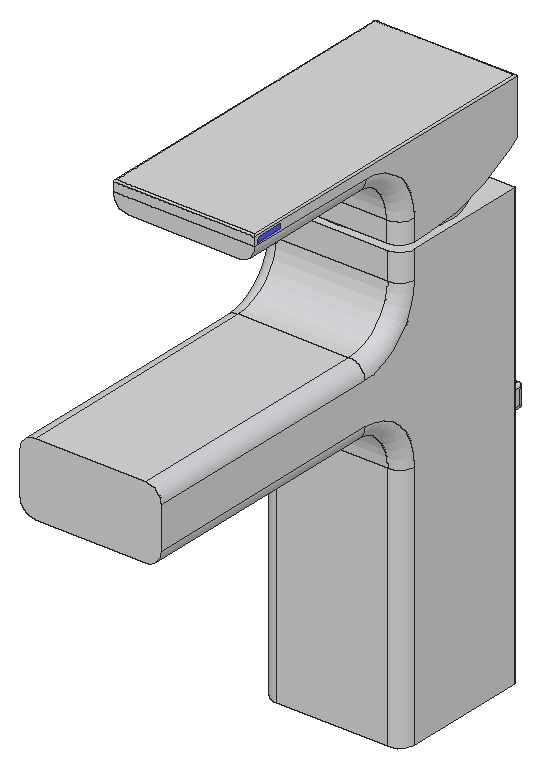
Revit family "Faucet-Lavatory-KOHLER-STRAYT-K-37327T_1", category Plumbing Fixtures, host Face, Revit 2017 (continued)
Definition of nested family "K-37327T"
  Forms (in)
    Extrusion 23, void
      sketch origin (0, 0, 0) x (1, 0, 0) y (0, 1, 0)
        loop
          arc (0.57204, -1.74497) -> (0.58926, -1.73551) -> (0.59826, -1.71804) r 0.03366
          line (0.59826, -1.71804) -> (0.62582, -1.56632)
        loop
          arc (-0.49276, -1.28608) -> (-0.52337, -1.25377) -> (-0.56175, -1.23124) r 0.15851
          line (-0.56175, -1.23124) -> (-0.65574, -1.27459)
          arc (-0.65574, -1.27459) -> (-0.66802, -1.28382) -> (-0.67539, -1.29729) r 0.03639
          line (-0.67539, -1.29729) -> (-0.71634, -1.43542)
          arc (-0.71634, -1.43542) -> (-0.70696, -1.45761) -> (-0.69236, -1.47677) r 0.09602
          arc (-0.69236, -1.47677) -> (-0.67871, -1.48738) -> (-0.66148, -1.48881) r 0.03032
          line (-0.66148, -1.48881) -> (-0.54654, -1.46473)
          arc (-0.54654, -1.46473) -> (-0.52932, -1.45527) -> (-0.52032, -1.43781) r 0.03366
          line (-0.52032, -1.43781) -> (-0.49276, -1.28608)
        loop
          arc (-0.13921, -1.63964) -> (-0.16982, -1.60732) -> (-0.2082, -1.58479) r 0.15851
          line (-0.2082, -1.58479) -> (-0.30219, -1.62814)
          arc (-0.30219, -1.62814) -> (-0.31446, -1.63737) -> (-0.32184, -1.65084) r 0.03639
          line (-0.32184, -1.65084) -> (-0.36279, -1.78897)
          arc (-0.36279, -1.78897) -> (-0.35341, -1.81116) -> (-0.33881, -1.83032) r 0.09602
          arc (-0.33881, -1.83032) -> (-0.32516, -1.84094) -> (-0.30793, -1.84236) r 0.03032
          line (-0.30793, -1.84236) -> (-0.19299, -1.81829)
          arc (-0.19299, -1.81829) -> (-0.17577, -1.80882) -> (-0.16677, -1.79136) r 0.03366
          line (-0.16677, -1.79136) -> (-0.13921, -1.63964)
        loop
          arc (0.40707, -1.60447) -> (0.4126, -1.58699) -> (0.40386, -1.57087) r 0.02344
          line (0.40386, -1.57087) -> (0.34351, -1.52289)
          arc (0.34351, -1.52289) -> (0.32067, -1.5193) -> (0.30586, -1.53705) r 0.02344
          line (0.30586, -1.53705) -> (0.27858, -1.68724)
          arc (0.27858, -1.68724) -> (0.29156, -1.7126) -> (0.31943, -1.70669) r 0.02344
          line (0.31943, -1.70669) -> (0.40707, -1.60447)
        loop
          arc (0.0044, -1.75103) -> (0.00994, -1.73354) -> (0.00119, -1.71743) r 0.02344
          line (0.00119, -1.71743) -> (-0.05916, -1.66945)
          arc (-0.05916, -1.66945) -> (-0.082, -1.66586) -> (-0.09681, -1.68361) r 0.02344
          line (-0.09681, -1.68361) -> (-0.12409, -1.8338)
          arc (-0.12409, -1.8338) -> (-0.1111, -1.85916) -> (-0.08324, -1.85325) r 0.02344
          line (-0.08324, -1.85325) -> (0.0044, -1.75103)
        loop
          arc (-0.27992, -1.46671) -> (-0.27438, -1.44923) -> (-0.28313, -1.43311) r 0.02344
          line (-0.28313, -1.43311) -> (-0.34348, -1.38513)
          arc (-0.34348, -1.38513) -> (-0.36631, -1.38154) -> (-0.38112, -1.39929) r 0.02344
          line (-0.38112, -1.39929) -> (-0.40841, -1.54949)
          arc (-0.40841, -1.54949) -> (-0.39542, -1.57484) -> (-0.36755, -1.56893) r 0.02344
          line (-0.36755, -1.56893) -> (-0.27992, -1.46671)
        loop
          arc (-0.44837, -1.93748) -> (-0.44284, -1.92) -> (-0.45158, -1.90388) r 0.02344
          line (-0.45158, -1.90388) -> (-0.51193, -1.8559)
          arc (-0.51193, -1.8559) -> (-0.53477, -1.85231) -> (-0.54958, -1.87006) r 0.02344
          line (-0.54958, -1.87006) -> (-0.57686, -2.02026)
          arc (-0.57686, -2.02026) -> (-0.56388, -2.04561) -> (-0.53601, -2.0397) r 0.02344
          line (-0.53601, -2.0397) -> (-0.44837, -1.93748)
        loop
          arc (-0.16024, -2.36255) -> (-0.1547, -2.34507) -> (-0.16344, -2.32895) r 0.02344
          line (-0.16344, -2.32895) -> (-0.22379, -2.28097)
          arc (-0.22379, -2.28097) -> (-0.24663, -2.27738) -> (-0.26144, -2.29513) r 0.02344
          line (-0.26144, -2.29513) -> (-0.28872, -2.44533)
          arc (-0.28872, -2.44533) -> (-0.27574, -2.47068) -> (-0.24787, -2.46477) r 0.02344
          line (-0.24787, -2.46477) -> (-0.16024, -2.36255)
        loop
          arc (0.61909, -1.3865) -> (0.62463, -1.36902) -> (0.61588, -1.3529) r 0.02344
          line (0.61588, -1.3529) -> (0.55553, -1.30492)
          arc (0.55553, -1.30492) -> (0.53269, -1.30133) -> (0.51788, -1.31908) r 0.02344
          line (0.51788, -1.31908) -> (0.4906, -1.46927)
          arc (0.4906, -1.46927) -> (0.50359, -1.49463) -> (0.53145, -1.48872) r 0.02344
          line (0.53145, -1.48872) -> (0.61909, -1.3865)
        loop
          arc (0.65669, -1.98674) -> (0.64647, -1.9982) -> (0.6479, -2.0135) r 0.01924
          line (0.6479, -2.0135) -> (0.76036, -2.21741)
          arc (0.76036, -2.21741) -> (0.77363, -2.22314) -> (0.78249, -2.21171) r 0.0118
          line (0.78249, -2.21171) -> (0.78249, -1.95716)
          arc (0.78249, -1.95716) -> (0.7741, -1.94183) -> (0.75667, -1.94063) r 0.0182
          line (0.75667, -1.94063) -> (0.65669, -1.98674)
        loop
          arc (-0.62104, -2.42127) -> (-0.61082, -2.40981) -> (-0.61225, -2.39451) r 0.01924
          line (-0.61225, -2.39451) -> (-0.7247, -2.1906)
          arc (-0.7247, -2.1906) -> (-0.73798, -2.18487) -> (-0.74684, -2.1963) r 0.0118
          line (-0.74684, -2.1963) -> (-0.74684, -2.45085)
          arc (-0.74684, -2.45085) -> (-0.73845, -2.46618) -> (-0.72101, -2.46738) r 0.0182
          line (-0.72101, -2.46738) -> (-0.62104, -2.42127)
        loop
          arc (-0.65647, -2.05286) -> (-0.64625, -2.04139) -> (-0.64768, -2.0261) r 0.01924
          line (-0.64768, -2.0261) -> (-0.76014, -1.82219)
          arc (-0.76014, -1.82219) -> (-0.77342, -1.81646) -> (-0.78228, -1.82789) r 0.0118
          line (-0.78228, -1.82789) -> (-0.78228, -2.08244)
          arc (-0.78228, -2.08244) -> (-0.77389, -2.09777) -> (-0.75645, -2.09897) r 0.0182
          line (-0.75645, -2.09897) -> (-0.65647, -2.05286)
        loop
          arc (0.29994, -2.37411) -> (0.30894, -2.3611) -> (0.30189, -2.34694) r 0.01556
          line (0.30189, -2.34694) -> (0.17793, -2.26646)
          arc (0.17793, -2.26646) -> (0.16226, -2.26013) -> (0.14535, -2.26013) r 0.04432
          line (0.14535, -2.26013) -> (0.07767, -2.27328)
          arc (0.07767, -2.27328) -> (0.05843, -2.28195) -> (0.0451, -2.29831) r 0.04597
          line (0.0451, -2.29831) -> (-0.05967, -2.51383)
          arc (-0.05967, -2.51383) -> (-0.05719, -2.52904) -> (-0.04203, -2.53183) r 0.01338
          line (-0.04203, -2.53183) -> (0.29994, -2.37411)
        loop
          arc (0.29934, -1.85051) -> (0.30834, -1.83749) -> (0.3013, -1.82333) r 0.01556
          line (0.3013, -1.82333) -> (0.17734, -1.74285)
          arc (0.17734, -1.74285) -> (0.16166, -1.73652) -> (0.14475, -1.73652) r 0.04432
          line (0.14475, -1.73652) -> (0.07708, -1.74967)
          arc (0.07708, -1.74967) -> (0.05784, -1.75835) -> (0.0445, -1.7747) r 0.04597
          line (0.0445, -1.7747) -> (-0.01978, -1.90695)
          arc (-0.01978, -1.90695) -> (-0.01118, -1.95977) -> (0.04145, -1.96944) r 0.04646
          line (0.04145, -1.96944) -> (0.29934, -1.85051)
        loop
          arc (-0.2936, -2.2425) -> (-0.2846, -2.22949) -> (-0.29164, -2.21532) r 0.01556
          line (-0.29164, -2.21532) -> (-0.4156, -2.13485)
          arc (-0.4156, -2.13485) -> (-0.43128, -2.12852) -> (-0.44819, -2.12852) r 0.04432
          line (-0.44819, -2.12852) -> (-0.51586, -2.14167)
          arc (-0.51586, -2.14167) -> (-0.5351, -2.15034) -> (-0.54844, -2.1667) r 0.04597
          line (-0.54844, -2.1667) -> (-0.6217, -2.3174)
          arc (-0.6217, -2.3174) -> (-0.61445, -2.36189) -> (-0.57013, -2.37003) r 0.03912
          line (-0.57013, -2.37003) -> (-0.2936, -2.2425)
        loop
          arc (0.12495, -1.38238) -> (0.13395, -1.36937) -> (0.1269, -1.35521) r 0.01556
          line (0.1269, -1.35521) -> (0.00295, -1.27473)
          arc (0.00295, -1.27473) -> (-0.01273, -1.2684) -> (-0.02964, -1.2684) r 0.04432
          line (-0.02964, -1.2684) -> (-0.09731, -1.28155)
          arc (-0.09731, -1.28155) -> (-0.11655, -1.29022) -> (-0.12989, -1.30658) r 0.04597
          line (-0.12989, -1.30658) -> (-0.23465, -1.5221)
          arc (-0.23465, -1.5221) -> (-0.23218, -1.53731) -> (-0.21702, -1.54009) r 0.01338
          line (-0.21702, -1.54009) -> (0.12495, -1.38238)
        loop
          arc (-0.00163, -2.20434) -> (-0.00598, -2.18879) -> (-0.02188, -2.18596) r 0.01517
          line (-0.02188, -2.18596) -> (-0.16928, -2.24572)
          arc (-0.16928, -2.24572) -> (-0.17808, -2.25909) -> (-0.16873, -2.27207) r 0.0141
          line (-0.16873, -2.27207) -> (-0.06107, -2.3106)
          arc (-0.06107, -2.3106) -> (-0.04104, -2.30934) -> (-0.02819, -2.29392) r 0.02538
          line (-0.02819, -2.29392) -> (-0.00163, -2.20434)
        loop
          arc (-0.31089, -2.32889) -> (-0.31524, -2.31335) -> (-0.33113, -2.31052) r 0.01517
          line (-0.33113, -2.31052) -> (-0.47853, -2.37028)
          arc (-0.47853, -2.37028) -> (-0.48734, -2.38365) -> (-0.47799, -2.39663) r 0.0141
          line (-0.47799, -2.39663) -> (-0.37032, -2.43516)
          arc (-0.37032, -2.43516) -> (-0.35029, -2.4339) -> (-0.33744, -2.41848) r 0.02538
          line (-0.33744, -2.41848) -> (-0.31089, -2.32889)
        loop
          line (-0.10906, -2.5053) -> (-0.06162, -2.40771)
          arc (-0.06162, -2.40771) -> (-0.05792, -2.39022) -> (-0.06286, -2.37303) r 0.03701
          line (-0.06286, -2.37303) -> (-0.08156, -2.34064)
          arc (-0.08156, -2.34064) -> (-0.09569, -2.33177) -> (-0.11099, -2.33846) r 0.01785
          line (-0.11099, -2.33846) -> (-0.20033, -2.45085)
          arc (-0.20033, -2.45085) -> (-0.20532, -2.47107) -> (-0.19325, -2.48805) r 0.02499
          line (-0.19325, -2.48805) -> (-0.14448, -2.51617)
          arc (-0.14448, -2.51617) -> (-0.12441, -2.51844) -> (-0.10906, -2.5053) r 0.02532
        loop
          arc (0.26176, -2.02918) -> (0.23116, -1.99686) -> (0.19277, -1.97433) r 0.15851
          line (0.19277, -1.97433) -> (0.09878, -2.01768)
          arc (0.09878, -2.01768) -> (0.08651, -2.02691) -> (0.07913, -2.04038) r 0.03639
          line (0.07913, -2.04038) -> (0.03819, -2.17851)
          arc (0.03819, -2.17851) -> (0.04756, -2.2007) -> (0.06216, -2.21986) r 0.09602
          arc (0.06216, -2.21986) -> (0.07582, -2.23048) -> (0.09305, -2.2319) r 0.03032
          line (0.09305, -2.2319) -> (0.20799, -2.20783)
          arc (0.20799, -2.20783) -> (0.2252, -2.19836) -> (0.2342, -2.1809) r 0.03366
          line (0.2342, -2.1809) -> (0.26176, -2.02918)
        loop
          arc (-0.30152, -2.00115) -> (-0.30587, -1.98561) -> (-0.32177, -1.98278) r 0.01517
          line (-0.32177, -1.98278) -> (-0.46551, -2.04105)
          arc (-0.46551, -2.04105) -> (-0.47431, -2.05442) -> (-0.46496, -2.0674) r 0.0141
          line (-0.46496, -2.0674) -> (-0.36021, -2.10489)
          arc (-0.36021, -2.10489) -> (-0.34018, -2.10363) -> (-0.32733, -2.08821) r 0.02538
          line (-0.32733, -2.08821) -> (-0.30152, -2.00115)
        loop
          arc (0.24853, -1.59254) -> (0.24418, -1.57699) -> (0.22829, -1.57417) r 0.01517
          line (0.22829, -1.57417) -> (0.08089, -1.63393)
          arc (0.08089, -1.63393) -> (0.07209, -1.64729) -> (0.08144, -1.66028) r 0.0141
          line (0.08144, -1.66028) -> (0.1891, -1.6988)
          arc (0.1891, -1.6988) -> (0.20913, -1.69754) -> (0.22198, -1.68212) r 0.02538
          line (0.22198, -1.68212) -> (0.24853, -1.59254)
        loop
          arc (0.04442, -1.5195) -> (0.04007, -1.50396) -> (0.02418, -1.50113) r 0.01517
          line (0.02418, -1.50113) -> (-0.12322, -1.56089)
          arc (-0.12322, -1.56089) -> (-0.13203, -1.57425) -> (-0.12268, -1.58724) r 0.0141
          line (-0.12268, -1.58724) -> (-0.01501, -1.62577)
          arc (-0.01501, -1.62577) -> (0.00502, -1.6245) -> (0.01787, -1.60909) r 0.02538
          line (0.01787, -1.60909) -> (0.04442, -1.5195)
        loop
          arc (0.34928, -2.31691) -> (0.35389, -2.33267) -> (0.37016, -2.33498) r 0.01515
          line (0.37016, -2.33498) -> (0.44974, -2.29827)
          arc (0.44974, -2.29827) -> (0.46303, -2.28911) -> (0.47246, -2.27602) r 0.04727
          line (0.47246, -2.27602) -> (0.55251, -2.11133)
          arc (0.55251, -2.11133) -> (0.5482, -2.08277) -> (0.52, -2.07655) r 0.0255
          line (0.52, -2.07655) -> (0.42493, -2.11509)
          arc (0.42493, -2.11509) -> (0.41023, -2.12536) -> (0.40143, -2.14099) r 0.0403
          line (0.40143, -2.14099) -> (0.34928, -2.31691)
        loop
          arc (0.67925, -2.17716) -> (0.68479, -2.15968) -> (0.67605, -2.14356) r 0.02344
          line (0.67605, -2.14356) -> (0.6157, -2.09559)
          arc (0.6157, -2.09559) -> (0.59286, -2.09199) -> (0.57805, -2.10974) r 0.02344
          line (0.57805, -2.10974) -> (0.55077, -2.25994)
          arc (0.55077, -2.25994) -> (0.56375, -2.28529) -> (0.59162, -2.27938) r 0.02344
          line (0.59162, -2.27938) -> (0.67925, -2.17716)
        loop
          arc (0.30375, -2.05007) -> (0.28782, -2.04744) -> (0.27855, -2.06066) r 0.01517
          line (0.27855, -2.06066) -> (0.27041, -2.2195)
          arc (0.27041, -2.2195) -> (0.2788, -2.23313) -> (0.29452, -2.23014) r 0.0141
          line (0.29452, -2.23014) -> (0.37494, -2.14885)
          arc (0.37494, -2.14885) -> (0.38226, -2.13016) -> (0.37372, -2.112) r 0.02538
          line (0.37372, -2.112) -> (0.30375, -2.05007)
        loop
          arc (0.75298, -1.87308) -> (0.7725, -1.87385) -> (0.78249, -1.85705) r 0.01911
          line (0.78249, -1.85705) -> (0.78249, -1.79972)
          arc (0.78249, -1.79972) -> (0.77559, -1.7851) -> (0.75992, -1.78112) r 0.01895
          line (0.75992, -1.78112) -> (0.67744, -1.79714)
          arc (0.67744, -1.79714) -> (0.66707, -1.80752) -> (0.6728, -1.82103) r 0.01312
          line (0.6728, -1.82103) -> (0.75298, -1.87308)
        loop
          arc (0.75298, -1.75641) -> (0.7725, -1.75718) -> (0.78249, -1.74039) r 0.01911
          line (0.78249, -1.74039) -> (0.78249, -1.66658)
          arc (0.78249, -1.66658) -> (0.77559, -1.65196) -> (0.75992, -1.64797) r 0.01895
          line (0.75992, -1.64797) -> (0.65791, -1.6678)
          arc (0.65791, -1.6678) -> (0.64754, -1.67817) -> (0.65327, -1.69168) r 0.01312
          line (0.65327, -1.69168) -> (0.75298, -1.75641)
        loop
          line (-0.17149, -1.15559) -> (-0.27826, -1.0619)
          arc (-0.27826, -1.0619) -> (-0.29572, -1.05396) -> (-0.31465, -1.057) r 0.03319
          line (-0.31465, -1.057) -> (-0.42957, -1.1128)
          arc (-0.42957, -1.1128) -> (-0.44262, -1.12539) -> (-0.44574, -1.14326) r 0.02924
          line (-0.44574, -1.14326) -> (-0.42773, -1.26859)
          arc (-0.42773, -1.26859) -> (-0.42177, -1.2831) -> (-0.40964, -1.29304) r 0.03205
          line (-0.40964, -1.29304) -> (-0.36903, -1.31212)
          arc (-0.36903, -1.31212) -> (-0.35318, -1.31612) -> (-0.33699, -1.31388) r 0.04276
          line (-0.33699, -1.31388) -> (-0.21572, -1.27234)
          arc (-0.21572, -1.27234) -> (-0.20125, -1.26372) -> (-0.19149, -1.24999) r 0.04086
          line (-0.19149, -1.24999) -> (-0.16434, -1.18757)
          arc (-0.16434, -1.18757) -> (-0.1627, -1.17041) -> (-0.17149, -1.15559) r 0.0278
        loop
          arc (0.50149, -1.15559) -> (0.49269, -1.17041) -> (0.49433, -1.18757) r 0.0278
          line (0.49433, -1.18757) -> (0.52149, -1.24999)
          arc (0.52149, -1.24999) -> (0.53125, -1.26372) -> (0.54571, -1.27234) r 0.04086
          line (0.54571, -1.27234) -> (0.66699, -1.31388)
          arc (0.66699, -1.31388) -> (0.68317, -1.31612) -> (0.69902, -1.31212) r 0.04276
          line (0.69902, -1.31212) -> (0.73963, -1.29304)
          arc (0.73963, -1.29304) -> (0.75176, -1.2831) -> (0.75773, -1.26859) r 0.03205
          line (0.75773, -1.26859) -> (0.77573, -1.14326)
          arc (0.77573, -1.14326) -> (0.77261, -1.12539) -> (0.75956, -1.1128) r 0.02924
          line (0.75956, -1.1128) -> (0.64465, -1.057)
          arc (0.64465, -1.057) -> (0.62571, -1.05396) -> (0.60826, -1.0619) r 0.03319
          line (0.60826, -1.0619) -> (0.50149, -1.15559)
        loop
          line (0.07764, -1.26108) -> (0.14656, -1.13442)
          arc (0.14656, -1.13442) -> (0.14511, -1.1101) -> (0.12261, -1.10072) r 0.02301
          line (0.12261, -1.10072) -> (-0.06218, -1.13118)
          arc (-0.06218, -1.13118) -> (-0.10144, -1.17138) -> (-0.0748, -1.22085) r 0.04744
          line (-0.0748, -1.22085) -> (0.03754, -1.27414)
          arc (0.03754, -1.27414) -> (0.06018, -1.27559) -> (0.07764, -1.26108) r 0.03068
        loop
          line (-0.65647, -1.12273) -> (-0.75645, -1.07662)
          arc (-0.75645, -1.07662) -> (-0.77389, -1.07782) -> (-0.78228, -1.09315) r 0.0182
          line (-0.78228, -1.09315) -> (-0.78228, -1.3477)
          arc (-0.78228, -1.3477) -> (-0.77342, -1.35913) -> (-0.76014, -1.3534) r 0.0118
          line (-0.76014, -1.3534) -> (-0.64768, -1.14949)
          arc (-0.64768, -1.14949) -> (-0.64625, -1.1342) -> (-0.65647, -1.12273) r 0.01924
      from 6.90787 to 7.03322
    Extrusion 24, solid, material <- "Material", visible <- "K-37327T-4", detail levels medium+fine
      sketch origin (0, 0, 0) x (1, 0, 0) y (0, 0, 1)
        loop
          line (-0.79213, 6.96875) -> (-0.79213, 6.93606) -> (0.79213, 6.93606) -> (0.79213, 6.96875) -> (-0.79213, 6.96875)
      from -0.80384 to 3.15433
    Extrusion 25, solid, material <- "Material", detail levels medium+fine
      sketch origin (0, 0, 0) x (1, 0, 0) y (0, 1, 0)
        loop
          circle (-0.39453, 0) r 0.25
        loop
          circle (0.39453, 0) r 0.25
      from 0 to 0.04369
    Extrusion 26, solid, material <- "Material", visible <- "K-37327T-4DPW", detail levels medium+fine
      sketch origin (0, 0, 0) x (1, 0, 0) y (0, 0, 1)
        loop
          line (-0.79213, 6.96875) -> (-0.79213, 6.84927) -> (0.79213, 6.84927) -> (0.79213, 6.96875) -> (-0.79213, 6.96875)
      from -0.80384 to 3.15433
    Extrusion 27, solid, material <- "Handle Finish 4DPW", visible <- "K-37327T-4DPW", detail levels medium+fine
      sketch origin (0, 0, 0) x (1, 0, 0) y (0, 0, 1)
        loop
          line (-0.79213, 6.95778) -> (-0.79213, 6.85488) -> (0.79213, 6.85488) -> (0.79213, 6.95778) -> (-0.79213, 6.95778)
      from -0.80384 to 3.15433
    Sweep 28, solid, material <- "Material", visible <- "K-37327T-4DPR", detail levels medium+fine
      path origin (0, 0, 0) x (1, 0, 0) y (0, 1, 0)
        loop
          line (-0.90551, 0.91722) -> (-0.90551, -3.26772) -> (0.90551, -3.26772) -> (0.90551, 0.91722) -> (-0.90551, 0.91722)
      profile origin (-0.90551, -1.17525, 0) x (1, 0, 0) y (0, 0, 1)
        loop
          line (0.11338, 6.96875) -> (0.02026, 6.96875)
          arc (0.02026, 6.96875) -> (0.00593, 6.96281) -> (0, 6.94849) r 0.02026
          line (0, 6.94849) -> (0.21819, 6.94849) -> (0.11338, 6.96875)
    Sweep 29, solid, material <- "Material", visible <- "K-37327T-4DPW", detail levels medium+fine
      path origin (0, 0, 0) x (1, 0, 0) y (0, 1, 0)
        loop
          line (-0.90551, 0.91722) -> (-0.90551, -3.26772) -> (0.90551, -3.26772) -> (0.90551, 0.91722) -> (-0.90551, 0.91722)
      profile origin (-0.90551, -1.17525, 0) x (1, 0, 0) y (0, 0, 1)
        loop
          line (0.11338, 6.96875) -> (0.02026, 6.96875)
          arc (0.02026, 6.96875) -> (0.00593, 6.96281) -> (0, 6.94849) r 0.02026
          line (0, 6.94849) -> (0.21819, 6.94849) -> (0.11338, 6.96875)
    Extrusion 30, solid, material <- "Handle Finish 4DPR", visible <- "K-37327T-4DPR", detail levels medium+fine
      sketch origin (0, 0, 0) x (1, 0, 0) y (0, 0, 1)
        loop
          line (-0.79213, 6.95778) -> (-0.79213, 6.85488) -> (0.79213, 6.85488) -> (0.79213, 6.95778) -> (-0.79213, 6.95778)
      from -0.80384 to 3.15433
    Extrusion 31, void
      sketch origin (0, 0, 0) x (0, 1, 0) y (0, 0, 1)
        loop
          line (-2.86801, 6.91741) -> (-3.22556, 6.91741) -> (-3.22556, 6.86525) -> (-2.86801, 6.86525) -> (-2.86801, 6.91741)
      from -1.11877 to 1.04373
  Cuts and joins
    Revolve 12 cuts Sweep 1
    Extrusion 17 cuts Sweep 3
    Extrusion 31 cuts Extrusion 8
    joined: Sweep 1, Extrusion 2, Sweep 3, Extrusion 4, Sweep 5, Extrusion 6, Revolve 7, Extrusion 8, Sweep 9, Revolve 13, Extrusion 14, Sweep 15
    joined: Extrusion 18, Extrusion 19, Extrusion 20
    Extrusion 23 cuts Extrusion 11
    Extrusion 23 cuts Extrusion 22
    joined: Sweep 10, Extrusion 24
    Extrusion 23 cuts Extrusion 26
  Lines and regions (in)
    Masking region 1
      outline origin (0, 0, 0) x (1, 0, 0) y (0, 0, 1)
        loop
          line (-0.80705, 5.68504) -> (-0.90551, 5.68504) -> (-0.90551, 0) -> (0.90551, 0) -> (0.90551, 5.68504) -> (0.80705, 5.68504) -> (0.80705, 5.77165) -> (0.90551, 5.77165) -> (0.90551, 6.94849)
          arc (0.90551, 6.94849) -> (0.89958, 6.96281) -> (0.88525, 6.96875) r 0.02026
          line (0.88525, 6.96875) -> (-0.88525, 6.96875)
          arc (-0.88525, 6.96875) -> (-0.89958, 6.96281) -> (-0.90551, 6.94849) r 0.02026
          line (-0.90551, 6.94849) -> (-0.90551, 5.77165) -> (-0.80705, 5.77165) -> (-0.80705, 5.68504)
    Masking region 2
      outline origin (0, 0, 0) x (0, 1, 0) y (0, 0, 1)
        loop
          line (0.88541, 5.68504) -> (0.80733, 5.68504) -> (0.80733, 5.76972)
          arc (0.80733, 5.76972) -> (0.78566, 5.94645) -> (0.72194, 6.11272) r 0.73159
          arc (0.72194, 6.11272) -> (0.82408, 6.1762) -> (0.92328, 6.24418) r 2.69795
          line (0.92328, 6.24418) -> (0.91725, 6.94913)
          arc (0.91725, 6.94913) -> (0.9114, 6.96301) -> (0.89746, 6.96875) r 0.01979
          line (0.89746, 6.96875) -> (-3.2476, 6.96875)
          arc (-3.2476, 6.96875) -> (-3.26179, 6.96291) -> (-3.26775, 6.94877) r 0.02016
          line (-3.26775, 6.94877) -> (-3.26879, 6.82976) -> (-3.26879, 6.62038) -> (-1.50008, 6.62038)
          arc (-1.50008, 6.62038) -> (-1.09151, 6.45114) -> (-0.92228, 6.04257) r 0.57781
          line (-0.92228, 6.04257) -> (-0.92228, 5.77165) -> (-0.80733, 5.77165) -> (-0.80733, 5.68504) -> (-0.8833, 5.68504)
          arc (-0.8833, 5.68504) -> (-0.89897, 5.67855) -> (-0.90546, 5.66288) r 0.02216
          line (-0.90546, 5.66288) -> (-0.90546, 5.33242)
          arc (-0.90546, 5.33242) -> (-1.08354, 4.90249) -> (-1.51347, 4.72441) r 0.60801
          line (-1.51347, 4.72441) -> (-4.74602, 4.72441)
          arc (-4.74602, 4.72441) -> (-4.75988, 4.71867) -> (-4.76563, 4.70481) r 0.0196
          line (-4.76563, 4.70481) -> (-4.76563, 3.84304)
          arc (-4.76563, 3.84304) -> (-4.75897, 3.82697) -> (-4.74289, 3.82031) r 0.02273
          line (-4.74289, 3.82031) -> (-1.54539, 3.82031)
          arc (-1.54539, 3.82031) -> (-1.09289, 3.63288) -> (-0.90546, 3.18039) r 0.63993
          line (-0.90546, 3.18039) -> (-0.90546, 0) -> (0.90551, 0) -> (0.90551, 1.52847) -> (1.18465, 2.18607) -> (1.22942, 2.16706)
          arc (1.22942, 2.16706) -> (1.24489, 2.16693) -> (1.25593, 2.17777) r 0.02021
          line (1.25593, 2.17777) -> (1.35132, 2.40251)
          arc (1.35132, 2.40251) -> (1.36562, 2.4197) -> (1.38702, 2.42614) r 0.03879
          line (1.38702, 2.42614) -> (1.93763, 2.42614)
          arc (1.93763, 2.42614) -> (1.95793, 2.43455) -> (1.96634, 2.45486) r 0.02872
          line (1.96634, 2.45486) -> (1.96634, 2.67934)
          arc (1.96634, 2.67934) -> (1.95978, 2.69517) -> (1.94395, 2.70173) r 0.02239
          line (1.94395, 2.70173) -> (1.20239, 2.70173)
          arc (1.20239, 2.70173) -> (1.18284, 2.69585) -> (1.16978, 2.68015) r 0.03542
          line (1.16978, 2.68015) -> (1.00233, 2.28567)
          arc (1.00233, 2.28567) -> (1.0022, 2.27002) -> (1.01317, 2.25886) r 0.02045
          line (1.01317, 2.25886) -> (1.05773, 2.23994) -> (0.90551, 1.88135) -> (0.90551, 5.66494)
          arc (0.90551, 5.66494) -> (0.89962, 5.67915) -> (0.88541, 5.68504) r 0.0201
    Masking region 3
      outline origin (0, 0, 0) x (1, 0, 0) y (0, 1, 0)
        loop
          line (-0.90551, 0.92308) -> (-0.90551, -4.76563) -> (0.90551, -4.76563) -> (0.90551, 0.92308) -> (0.06895, 0.92308) -> (0.06895, 0.99434)
          arc (0.06895, 0.99434) -> (0.11565, 0.99886) -> (0.1378, 1.04023) r 0.04972
          line (0.1378, 1.04023) -> (0.1378, 1.92697)
          arc (0.1378, 1.92697) -> (0.12626, 1.95481) -> (0.09843, 1.96634) r 0.03937
          line (0.09843, 1.96634) -> (-0.09843, 1.96634)
          arc (-0.09843, 1.96634) -> (-0.12626, 1.95481) -> (-0.1378, 1.92697) r 0.03937
          line (-0.1378, 1.92697) -> (-0.1378, 1.04059)
          arc (-0.1378, 1.04059) -> (-0.11569, 0.99912) -> (-0.06895, 0.99434) r 0.04995
          line (-0.06895, 0.99434) -> (-0.06895, 0.92308) -> (-0.90551, 0.92308)
    symbolic lines, detail levels medium+fine
      curve 1: arc (-0.90551, 0, 4.52756) -> (-0.84786, 0, 4.66675) -> (-0.70866, 0, 4.72441) r 0.19685
      curve 2: line (0.70866, 0, 4.72441) -> (-0.70866, 0, 4.72441)
      curve 3: arc (0.70866, 0, 4.72441) -> (0.84786, 0, 4.66675) -> (0.90551, 0, 4.52756) r 0.19685
      curve 4: line (-0.70267, 0, 3.82031) -> (0.70267, 0, 3.82031)
      curve 5: line (-0.80705, 0, 5.68504) -> (0.80705, 0, 5.68504)
      curve 6: arc (-0.90551, 0, 6.82976) -> (-0.85137, 0, 6.69169) -> (-0.71592, 0, 6.63129) r 0.19561
      curve 7: arc (-0.71592, 0, 6.63129) -> (-0.00406, 0, 6.62038) -> (0.70781, 0, 6.63129) r 23.23199
      curve 8: arc (0.70781, 0, 6.63129) -> (0.84611, 0, 6.69123) -> (0.90551, 0, 6.82976) r 0.20403
      curve 9: line (-0.80705, 0, 5.77165) -> (0.80705, 0, 5.77165)
      curve 10: arc (-0.70267, 0, 3.82031) -> (-0.8461, 0, 3.87972) -> (-0.90551, 0, 4.02315) r 0.20284
      curve 11: arc (0.70267, 0, 3.82031) -> (0.8461, 0, 3.87972) -> (0.90551, 0, 4.02315) r 0.20284
      curve 12: line (0, 0.80733, 5.68504) -> (0, -0.80733, 5.68504)
      curve 13: arc (0, -0.51601, 5.77165) -> (0, 0.12603, 5.85848) -> (0, 0.72194, 6.11272) r 2.41721
      curve 14: line (0, -0.51601, 5.77165) -> (0, -0.80733, 5.77165)
      curve 15: line (0, 0.90551, 1.88135) -> (0, 0.90551, 1.52847)
      curve 16: line (0, -2.86801, 6.91741) -> (0, -3.22556, 6.91741)
      curve 17: line (0, -2.86801, 6.86525) -> (0, -2.86801, 6.91741)
      curve 18: line (0, -3.22556, 6.86525) -> (0, -2.86801, 6.86525)
      curve 19: line (0, -3.22556, 6.91741) -> (0, -3.22556, 6.86525)
      curve 20: line (0.87758, -3.26879, 0) -> (-0.87758, -3.26879, 0)
      curve 21: arc (-0.90551, -3.23705, 0) -> (-0.89878, -3.25928, 0) -> (-0.87758, -3.26879, 0) r 0.02801
      curve 22: arc (0.90551, -3.23705, 0) -> (0.89878, -3.25928, 0) -> (0.87758, -3.26879, 0) r 0.02801
      curve 23: line (-0.06895, 0.99434, 0) -> (0.06895, 0.99434, 0)
      curve 24: line (-0.10148, 1.17894, 0) -> (0.10111, 1.17894, 0)
      curve 25: spline (-0.13742, 1.20499, 0) -> (-0.13757, 1.20195, 0) -> (-0.13705, 1.19893, 0) -> (-0.13587, 1.19598, 0) -> (-0.13405, 1.19314, 0) -> (-0.13161, 1.19045, 0) -> (-0.1286, 1.18796, 0) -> (-0.12505, 1.1857, 0) -> (-0.12103, 1.18371, 0) -> (-0.11659, 1.18201, 0) -> (-0.11181, 1.18064, 0) -> (-0.10674, 1.17961, 0) -> (-0.10148, 1.17894, 0)
      curve 26: spline (0.10111, 1.17894, 0) -> (0.10641, 1.17964, 0) -> (0.11152, 1.1807, 0) -> (0.11635, 1.18209, 0) -> (0.12084, 1.18381, 0) -> (0.1249, 1.18581, 0) -> (0.12848, 1.18808, 0) -> (0.13153, 1.19057, 0) -> (0.134, 1.19325, 0) -> (0.13584, 1.19607, 0) -> (0.13704, 1.199, 0) -> (0.13756, 1.20198, 0) -> (0.13742, 1.20498, 0)
      curve 801: line (-0.06895, 0.92308, 0) -> (0.06895, 0.92308, 0)
      curve 1576: line (0, 1.18465, 2.18607) -> (0, 1.05773, 2.23994)
    symbolic lines, visible <- "K-37327T-4DPR", detail levels medium+fine
      curve 27: line (0.55815, 0.62228, 0) -> (0.76037, 0.59827, 0)
      curve 28: line (0.78156, 0.61709, 0) -> (0.78156, 0.74915, 0)
      curve 29: line (0.7605, 0.77021, 0) -> (0.6676, 0.77021, 0)
      curve 30: line (0.63917, 0.75684, 0) -> (0.54823, 0.64709, 0)
      curve 31: arc (0.78156, 0.74915, 0) -> (0.77539, 0.76404, 0) -> (0.7605, 0.77021, 0) r 0.02106
      curve 32: arc (0.76037, 0.59827, 0) -> (0.77519, 0.60292, 0) -> (0.78156, 0.61709, 0) r 0.01895
      curve 33: arc (0.6676, 0.77021, 0) -> (0.65189, 0.7667, 0) -> (0.63917, 0.75684, 0) r 0.03693
      curve 34: arc (0.54823, 0.64709, 0) -> (0.54582, 0.63174, 0) -> (0.55815, 0.62228, 0) r 0.01521
      curve 35: line (0.76567, 0.55706, 0) -> (0.49774, 0.58888, 0)
      curve 36: line (0.68909, 0.36781, 0) -> (0.77907, 0.53097, 0)
      curve 37: line (0.48514, 0.56528, 0) -> (0.65724, 0.36454, 0)
      curve 38: line (0.48903, 0.63592, 0) -> (0.58028, 0.74606, 0)
      curve 39: line (0.32906, 0.74734, 0) -> (0.41727, 0.64444, 0)
      curve 40: line (0.56892, 0.77021, 0) -> (0.33958, 0.77021, 0)
      curve 41: arc (0.58028, 0.74606, 0) -> (0.58227, 0.76174, 0) -> (0.56892, 0.77021, 0) r 0.01475
      curve 42: arc (0.48903, 0.63592, 0) -> (0.45251, 0.63482, 0) -> (0.41727, 0.64444, 0) r 0.12356
      curve 43: arc (0.33958, 0.77021, 0) -> (0.32699, 0.76214, 0) -> (0.32906, 0.74734, 0) r 0.01386
      curve 44: arc (0.49774, 0.58888, 0) -> (0.48338, 0.58138, 0) -> (0.48514, 0.56528, 0) r 0.01436
      curve 45: arc (0.77907, 0.53097, 0) -> (0.77932, 0.54758, 0) -> (0.76567, 0.55706, 0) r 0.01768
      curve 46: arc (0.65724, 0.36454, 0) -> (0.67402, 0.35784, 0) -> (0.68909, 0.36781, 0) r 0.01948
      curve 47: line (0.65575, 0.16898, 0) -> (0.75573, 0.12287, 0)
      curve 48: line (0.726, 0.09323, 0) -> (0.38403, 0.25094, 0)
      curve 49: line (0.3433, 0.31308, 0) -> (0.58303, 0.20252, 0)
      curve 50: line (0.64727, 0.31568, 0) -> (0.51791, 0.46657, 0)
      curve 51: line (0.61077, 0.21163, 0) -> (0.65055, 0.28376, 0)
      curve 52: line (0.78156, 0.1394, 0) -> (0.78156, 0.39395, 0)
      curve 53: line (0.75942, 0.39965, 0) -> (0.64697, 0.19574, 0)
      curve 54: line (0.48564, 0.46965, 0) -> (0.33853, 0.35271, 0)
      curve 55: line (0.46178, 0.53203, 0) -> (0.37415, 0.63425, 0)
      curve 56: line (0.3333, 0.61481, 0) -> (0.36058, 0.46461, 0)
      curve 57: line (0.39823, 0.45045, 0) -> (0.45858, 0.49843, 0)
      curve 58: line (0.33135, 0.40525, 0) -> (0.30379, 0.55697, 0)
      curve 59: line (0.16837, 0.39376, 0) -> (0.26236, 0.35041, 0)
      curve 60: line (0.10777, 0.55459, 0) -> (0.14872, 0.41646, 0)
      curve 61: line (0.27757, 0.5839, 0) -> (0.16263, 0.60798, 0)
      curve 62: line (0.13147, 0.33613, 0) -> (0.09048, 0.47438, 0)
      curve 63: line (-0.00468, 0.25664, 0) -> (0.11239, 0.29853, 0)
      curve 64: line (0.04971, 0.48123, 0) -> (-0.05924, 0.3289, 0)
      curve 65: line (-0.08471, 0.36096, 0) -> (0.08181, 0.59379, 0)
      curve 66: line (-0.21337, 0.65331, 0) -> (-0.16932, 0.3808, 0)
      curve 67: line (0.0686, 0.62767, 0) -> (-0.18466, 0.68073, 0)
      curve 68: line (0.09485, 0.6624, 0) -> (0.26059, 0.62768, 0)
      curve 69: line (0.28638, 0.65279, 0) -> (0.26692, 0.75994, 0)
      curve 70: line (0.21847, 0.78218, 0) -> (0.0878, 0.70556, 0)
      curve 71: line (0.07282, 0.77021, 0) -> (-0.21073, 0.77021, 0)
      curve 72: line (0.00603, 0.70325, 0) -> (0.07933, 0.74623, 0)
      curve 73: line (-0.21517, 0.72734, 0) -> (-0.05362, 0.6935, 0)
      curve 74: line (-0.60905, 0.569, 0) -> (-0.28203, 0.7278, 0)
      curve 75: line (-0.66392, 0.74282, 0) -> (-0.64142, 0.58618, 0)
      curve 76: line (-0.29178, 0.77021, 0) -> (-0.64018, 0.77021, 0)
      curve 77: line (-0.29097, 0.67969, 0) -> (-0.41333, 0.62027, 0)
      curve 78: line (-0.22329, 0.46794, 0) -> (-0.25445, 0.66071, 0)
      curve 79: line (-0.41751, 0.58928, 0) -> (-0.25759, 0.44896, 0)
      curve 80: line (-0.35385, 0.48105, 0) -> (-0.46062, 0.57473, 0)
      curve 81: line (-0.49701, 0.57964, 0) -> (-0.61192, 0.52384, 0)
      curve 82: line (-0.65484, 0.4027, 0) -> (-0.70492, 0.75133, 0)
      curve 83: line (-0.72671, 0.77021, 0) -> (-0.76382, 0.77021, 0)
      curve 84: line (-0.78543, 0.74859, 0) -> (-0.78543, 0.45368, 0)
      curve 85: line (-0.76807, 0.42633, 0) -> (-0.67928, 0.38461, 0)
      curve 86: line (-0.62809, 0.49338, 0) -> (-0.61009, 0.36804, 0)
      curve 87: line (-0.51935, 0.32276, 0) -> (-0.39808, 0.36429, 0)
      curve 88: line (-0.37385, 0.38665, 0) -> (-0.34669, 0.44906, 0)
      curve 89: line (-0.592, 0.3436, 0) -> (-0.55138, 0.32451, 0)
      curve 90: line (-0.09457, 0.25355, 0) -> (-0.28387, 0.41964, 0)
      curve 91: line (-0.35421, 0.13156, 0) -> (-0.10051, 0.22234, 0)
      curve 92: line (-0.32008, 0.41154, 0) -> (-0.41406, 0.19555, 0)
      curve 93: line (-0.51832, 0.05459, 0) -> (-0.41761, 0.28607, 0)
      curve 94: line (-0.43858, 0.30881, 0) -> (-0.69682, 0.22036, 0)
      curve 95: line (-0.70305, 0.19239, 0) -> (-0.55325, 0.04765, 0)
      curve 96: line (0.1851, 0.1552, 0) -> (0.15855, 0.24478, 0)
      curve 97: line (0.01746, 0.19659, 0) -> (0.16486, 0.13683, 0)
      curve 98: line (0.12567, 0.26146, 0) -> (0.018, 0.22294, 0)
      curve 99: line (0.1778, 0.31835, 0) -> (0.23522, 0.12467, 0)
      curve 100: line (0.39049, 0.09332, 0) -> (0.30098, 0.27746, 0)
      curve 101: line (0.27826, 0.29972, 0) -> (0.19868, 0.33642, 0)
      curve 102: line (0.25871, 0.09878, 0) -> (0.35797, 0.05854, 0)
      curve 103: line (0.604, -0.01443, 0) -> (0.72795, 0.06605, 0)
      curve 104: line (0.36639, 0.23294, 0) -> (0.47116, 0.01742, 0)
      curve 105: line (0.50374, -0.00761, 0) -> (0.57141, -0.02076, 0)
      curve 106: line (0.75205, 0.03475, 0) -> (0.67187, -0.0173, 0)
      curve 107: line (0.78156, -0.03861, 0) -> (0.78156, 0.01873, 0)
      curve 108: line (0.67651, -0.04118, 0) -> (0.75899, -0.05721, 0)
      curve 109: arc (0.75573, 0.12287, 0) -> (0.77317, 0.12407, 0) -> (0.78156, 0.1394, 0) r 0.0182
      curve 110: arc (0.64697, 0.19574, 0) -> (0.64553, 0.18044, 0) -> (0.65575, 0.16898, 0) r 0.01924
      curve 111: arc (0.78156, 0.39395, 0) -> (0.7727, 0.40538, 0) -> (0.75942, 0.39965, 0) r 0.0118
      curve 112: arc (0.65055, 0.28376, 0) -> (0.6539, 0.30023, 0) -> (0.64727, 0.31568, 0) r 0.02815
      curve 113: arc (0.58303, 0.20252, 0) -> (0.59869, 0.20162, 0) -> (0.61077, 0.21163, 0) r 0.02143
      curve 114: arc (0.51791, 0.46657, 0) -> (0.50239, 0.47462, 0) -> (0.48564, 0.46965, 0) r 0.02336
      curve 115: arc (0.33853, 0.35271, 0) -> (0.32985, 0.33156, 0) -> (0.3433, 0.31308, 0) r 0.02344
      curve 116: arc (0.45858, 0.49843, 0) -> (0.46732, 0.51455, 0) -> (0.46178, 0.53203, 0) r 0.02344
      curve 117: arc (0.36058, 0.46461, 0) -> (0.37539, 0.44686, 0) -> (0.39823, 0.45045, 0) r 0.02344
      curve 118: arc (0.37415, 0.63425, 0) -> (0.34628, 0.64016, 0) -> (0.3333, 0.61481, 0) r 0.02344
      curve 119: arc (0.30379, 0.55697, 0) -> (0.29479, 0.57444, 0) -> (0.27757, 0.5839, 0) r 0.03366
      curve 120: arc (0.16263, 0.60798, 0) -> (0.1454, 0.60655, 0) -> (0.13175, 0.59594, 0) r 0.03032
      curve 121: arc (0.13175, 0.59594, 0) -> (0.11715, 0.57678, 0) -> (0.10777, 0.55459, 0) r 0.09602
      curve 122: arc (0.33135, 0.40525, 0) -> (0.30074, 0.37294, 0) -> (0.26236, 0.35041, 0) r 0.15851
      curve 123: arc (0.14872, 0.41646, 0) -> (0.15609, 0.40299, 0) -> (0.16837, 0.39376, 0) r 0.03639
      curve 124: arc (0.26059, 0.62768, 0) -> (0.28017, 0.63337, 0) -> (0.28638, 0.65279, 0) r 0.02169
      curve 125: arc (0.0878, 0.70556, 0) -> (0.07653, 0.68156, 0) -> (0.09485, 0.6624, 0) r 0.02344
      curve 126: arc (0.26692, 0.75994, 0) -> (0.24849, 0.78368, 0) -> (0.21847, 0.78218, 0) r 0.03252
      curve 127: arc (-0.05362, 0.6935, 0) -> (-0.02289, 0.69282, 0) -> (0.00603, 0.70325, 0) r 0.08392
      curve 128: arc (0.07933, 0.74623, 0) -> (0.08524, 0.76071, 0) -> (0.07282, 0.77021, 0) r 0.01288
      curve 129: arc (-0.21073, 0.77021, 0) -> (-0.23228, 0.75078, 0) -> (-0.21517, 0.72734, 0) r 0.02167
      curve 130: arc (-0.28203, 0.7278, 0) -> (-0.27002, 0.75289, 0) -> (-0.29178, 0.77021, 0) r 0.02233
      curve 131: arc (-0.64142, 0.58618, 0) -> (-0.6296, 0.56937, 0) -> (-0.60905, 0.569, 0) r 0.02269
      curve 132: arc (-0.64018, 0.77021, 0) -> (-0.6583, 0.76193, 0) -> (-0.66392, 0.74282, 0) r 0.02399
      curve 133: arc (0.78156, 0.01873, 0) -> (0.77157, 0.03552, 0) -> (0.75205, 0.03475, 0) r 0.01911
      curve 134: arc (0.75899, -0.05721, 0) -> (0.77466, -0.05323, 0) -> (0.78156, -0.03861, 0) r 0.01895
      curve 135: arc (0.67187, -0.0173, 0) -> (0.66613, -0.03081, 0) -> (0.67651, -0.04118, 0) r 0.01312
      curve 136: arc (0.57141, -0.02076, 0) -> (0.58832, -0.02076, 0) -> (0.604, -0.01443, 0) r 0.04432
      curve 137: arc (0.47116, 0.01742, 0) -> (0.4845, 0.00107, 0) -> (0.50374, -0.00761, 0) r 0.04597
      curve 138: arc (0.72795, 0.06605, 0) -> (0.735, 0.08021, 0) -> (0.726, 0.09323, 0) r 0.01556
      curve 139: arc (0.38403, 0.25094, 0) -> (0.36887, 0.24815, 0) -> (0.36639, 0.23294, 0) r 0.01338
      curve 140: arc (0.35797, 0.05854, 0) -> (0.38618, 0.06476, 0) -> (0.39049, 0.09332, 0) r 0.0255
      curve 141: arc (0.23522, 0.12467, 0) -> (0.24401, 0.10904, 0) -> (0.25871, 0.09878, 0) r 0.0403
      curve 142: arc (0.30098, 0.27746, 0) -> (0.29155, 0.29056, 0) -> (0.27826, 0.29972, 0) r 0.04727
      curve 143: arc (0.19868, 0.33642, 0) -> (0.18241, 0.33412, 0) -> (0.1778, 0.31835, 0) r 0.01515
      curve 144: arc (0.16486, 0.13683, 0) -> (0.18075, 0.13965, 0) -> (0.1851, 0.1552, 0) r 0.01517
      curve 145: arc (0.018, 0.22294, 0) -> (0.00866, 0.20995, 0) -> (0.01746, 0.19659, 0) r 0.0141
      curve 146: arc (0.15855, 0.24478, 0) -> (0.1457, 0.2602, 0) -> (0.12567, 0.26146, 0) r 0.02538
      curve 147: arc (0.11239, 0.29853, 0) -> (0.12941, 0.31353, 0) -> (0.13147, 0.33613, 0) r 0.03068
      curve 148: arc (-0.05924, 0.3289, 0) -> (-0.05852, 0.27271, 0) -> (-0.00468, 0.25664, 0) r 0.04744
      curve 149: arc (0.09048, 0.47438, 0) -> (0.07223, 0.49054, 0) -> (0.04971, 0.48123, 0) r 0.02301
      curve 150: arc (-0.16932, 0.3808, 0) -> (-0.13366, 0.34255, 0) -> (-0.08471, 0.36096, 0) r 0.04699
      curve 151: arc (-0.10051, 0.22234, 0) -> (-0.08862, 0.23625, 0) -> (-0.09457, 0.25355, 0) r 0.01843
      curve 152: arc (-0.28387, 0.41964, 0) -> (-0.30403, 0.42479, 0) -> (-0.32008, 0.41154, 0) r 0.02297
      curve 153: arc (-0.25759, 0.44896, 0) -> (-0.23376, 0.44639, 0) -> (-0.22329, 0.46794, 0) r 0.02083
      curve 154: arc (0.08181, 0.59379, 0) -> (0.08438, 0.61431, 0) -> (0.0686, 0.62767, 0) r 0.02172
      curve 155: arc (-0.18466, 0.68073, 0) -> (-0.20623, 0.67457, 0) -> (-0.21337, 0.65331, 0) r 0.02408
      curve 156: arc (-0.25445, 0.66071, 0) -> (-0.26794, 0.67937, 0) -> (-0.29097, 0.67969, 0) r 0.02565
      curve 157: arc (-0.41333, 0.62027, 0) -> (-0.42373, 0.6059, 0) -> (-0.41751, 0.58928, 0) r 0.01877
      curve 158: arc (-0.34669, 0.44906, 0) -> (-0.34505, 0.46622, 0) -> (-0.35385, 0.48105, 0) r 0.0278
      curve 159: arc (-0.46062, 0.57473, 0) -> (-0.47807, 0.58268, 0) -> (-0.49701, 0.57964, 0) r 0.03319
      curve 160: arc (-0.61192, 0.52384, 0) -> (-0.62497, 0.51125, 0) -> (-0.62809, 0.49338, 0) r 0.02924
      curve 161: arc (-0.61009, 0.36804, 0) -> (-0.60413, 0.35354, 0) -> (-0.592, 0.3436, 0) r 0.03205
      curve 162: arc (-0.55138, 0.32451, 0) -> (-0.53554, 0.32052, 0) -> (-0.51935, 0.32276, 0) r 0.04276
      curve 163: arc (-0.39808, 0.36429, 0) -> (-0.38361, 0.37292, 0) -> (-0.37385, 0.38665, 0) r 0.04086
      curve 164: arc (-0.67928, 0.38461, 0) -> (-0.66166, 0.38636, 0) -> (-0.65484, 0.4027, 0) r 0.01727
      curve 165: arc (-0.78543, 0.45368, 0) -> (-0.78073, 0.43748, 0) -> (-0.76807, 0.42633, 0) r 0.03021
      curve 166: arc (-0.70492, 0.75133, 0) -> (-0.71229, 0.76483, 0) -> (-0.72671, 0.77021, 0) r 0.02202
      curve 167: arc (-0.76382, 0.77021, 0) -> (-0.7791, 0.76388, 0) -> (-0.78543, 0.74859, 0) r 0.02162
      curve 168: arc (-0.41406, 0.19555, 0) -> (-0.40515, 0.1439, 0) -> (-0.35421, 0.13156, 0) r 0.04773
      curve 169: arc (-0.55325, 0.04765, 0) -> (-0.53397, 0.04198, 0) -> (-0.51832, 0.05459, 0) r 0.02167
      curve 170: arc (-0.41761, 0.28607, 0) -> (-0.42068, 0.30428, 0) -> (-0.43858, 0.30881, 0) r 0.0169
      curve 171: arc (-0.69682, 0.22036, 0) -> (-0.70777, 0.20812, 0) -> (-0.70305, 0.19239, 0) r 0.0168
      curve 172: line (0.48979, -1.01349, 0) -> (0.30048, -0.8474, 0)
      curve 173: line (0.23014, -1.13548, 0) -> (0.48384, -1.0447, 0)
      curve 174: line (0.26427, -0.8555, 0) -> (0.17029, -1.07149, 0)
      curve 175: arc (0.48384, -1.0447, 0) -> (0.49573, -1.0308, 0) -> (0.48979, -1.01349, 0) r 0.01843
      curve 176: arc (0.30048, -0.8474, 0) -> (0.28032, -0.84225, 0) -> (0.26427, -0.8555, 0) r 0.02297
      curve 177: arc (0.17029, -1.07149, 0) -> (0.1792, -1.12314, 0) -> (0.23014, -1.13548, 0) r 0.04773
      curve 178: line (0.03268, -0.30942, 0) -> (-0.15662, -0.14332, 0)
      curve 179: line (-0.22696, -0.4314, 0) -> (0.02674, -0.34062, 0)
      curve 180: line (-0.19283, -0.15142, 0) -> (-0.28681, -0.36742, 0)
      curve 181: arc (0.02674, -0.34062, 0) -> (0.03863, -0.32672, 0) -> (0.03268, -0.30942, 0) r 0.01843
      curve 182: arc (-0.15662, -0.14332, 0) -> (-0.17678, -0.13817, 0) -> (-0.19283, -0.15142, 0) r 0.02297
      curve 183: arc (-0.28681, -0.36742, 0) -> (-0.2779, -0.41907, 0) -> (-0.22696, -0.4314, 0) r 0.04773
      curve 184: line (0.64507, -0.44574, 0) -> (0.45577, -0.27965, 0)
      curve 185: line (0.38543, -0.56773, 0) -> (0.63912, -0.47695, 0)
      curve 186: line (0.41955, -0.28775, 0) -> (0.32558, -0.50374, 0)
      curve 187: arc (0.63912, -0.47695, 0) -> (0.65102, -0.46304, 0) -> (0.64507, -0.44574, 0) r 0.01843
      curve 188: arc (0.45577, -0.27965, 0) -> (0.4356, -0.2745, 0) -> (0.41955, -0.28775, 0) r 0.02297
      curve 189: arc (0.32558, -0.50374, 0) -> (0.33449, -0.55539, 0) -> (0.38543, -0.56773, 0) r 0.04773
      curve 190: line (-0.44024, -0.67308, 0) -> (-0.62954, -0.50699, 0)
      curve 191: line (-0.69988, -0.79507, 0) -> (-0.44619, -0.70429, 0)
      curve 192: line (-0.66576, -0.51509, 0) -> (-0.75973, -0.73109, 0)
      curve 193: arc (-0.44619, -0.70429, 0) -> (-0.43429, -0.69039, 0) -> (-0.44024, -0.67308, 0) r 0.01843
      curve 194: arc (-0.62954, -0.50699, 0) -> (-0.64971, -0.50184, 0) -> (-0.66576, -0.51509, 0) r 0.02297
      curve 195: arc (-0.75973, -0.73109, 0) -> (-0.75082, -0.78274, 0) -> (-0.69988, -0.79507, 0) r 0.04773
      curve 196: line (0.65575, -0.9878, 0) -> (0.75573, -1.03391, 0)
      curve 197: line (0.78156, -1.01738, 0) -> (0.78156, -0.76283, 0)
      curve 198: line (0.75942, -0.75713, 0) -> (0.64697, -0.96104, 0)
      curve 199: arc (0.75573, -1.03391, 0) -> (0.77317, -1.03271, 0) -> (0.78156, -1.01738, 0) r 0.0182
      curve 200: arc (0.64697, -0.96104, 0) -> (0.64553, -0.97633, 0) -> (0.65575, -0.9878, 0) r 0.01924
      curve 201: arc (0.78156, -0.76283, 0) -> (0.7727, -0.7514, 0) -> (0.75942, -0.75713, 0) r 0.0118
      curve 202: line (0.62488, -0.78307, 0) -> (0.59732, -0.63135, 0)
      curve 203: line (0.4619, -0.79457, 0) -> (0.55589, -0.83791, 0)
      curve 204: line (0.40131, -0.63373, 0) -> (0.44225, -0.77186, 0)
      curve 205: line (0.5711, -0.60442, 0) -> (0.45617, -0.58034, 0)
      curve 206: arc (0.59732, -0.63135, 0) -> (0.58832, -0.61389, 0) -> (0.5711, -0.60442, 0) r 0.03366
      curve 207: arc (0.45617, -0.58034, 0) -> (0.43893, -0.58177, 0) -> (0.42528, -0.59238, 0) r 0.03032
      curve 208: arc (0.42528, -0.59238, 0) -> (0.41068, -0.61154, 0) -> (0.40131, -0.63373, 0) r 0.09602
      curve 209: arc (0.62488, -0.78307, 0) -> (0.59428, -0.81538, 0) -> (0.55589, -0.83791, 0) r 0.15851
      curve 210: arc (0.44225, -0.77186, 0) -> (0.44963, -0.78534, 0) -> (0.4619, -0.79457, 0) r 0.03639
      curve 211: line (-0.4937, -1.06331, 0) -> (-0.52126, -0.91159, 0)
      curve 212: line (-0.65668, -1.0748, 0) -> (-0.56269, -1.11815, 0)
      curve 213: line (-0.71727, -0.91397, 0) -> (-0.67633, -1.0521, 0)
      curve 214: line (-0.54747, -0.88466, 0) -> (-0.66241, -0.86058, 0)
      curve 215: arc (-0.52126, -0.91159, 0) -> (-0.53026, -0.89412, 0) -> (-0.54747, -0.88466, 0) r 0.03366
      curve 216: arc (-0.66241, -0.86058, 0) -> (-0.67965, -0.86201, 0) -> (-0.6933, -0.87262, 0) r 0.03032
      curve 217: arc (-0.6933, -0.87262, 0) -> (-0.7079, -0.89178, 0) -> (-0.71727, -0.91397, 0) r 0.09602
      curve 218: arc (-0.4937, -1.06331, 0) -> (-0.5243, -1.09562, 0) -> (-0.56269, -1.11815, 0) r 0.15851
      curve 219: arc (-0.67633, -1.0521, 0) -> (-0.66895, -1.06557, 0) -> (-0.65668, -1.0748, 0) r 0.03639
      curve 220: line (-0.14014, -0.70975, 0) -> (-0.16771, -0.55803, 0)
      curve 221: line (-0.30312, -0.72125, 0) -> (-0.20913, -0.7646, 0)
      curve 222: line (-0.36372, -0.56042, 0) -> (-0.32277, -0.69855, 0)
      curve 223: line (-0.19392, -0.53111, 0) -> (-0.30886, -0.50703, 0)
      curve 224: arc (-0.16771, -0.55803, 0) -> (-0.1767, -0.54057, 0) -> (-0.19392, -0.53111, 0) r 0.03366
      curve 225: arc (-0.30886, -0.50703, 0) -> (-0.32609, -0.50846, 0) -> (-0.33974, -0.51907, 0) r 0.03032
      curve 226: arc (-0.33974, -0.51907, 0) -> (-0.35435, -0.53823, 0) -> (-0.36372, -0.56042, 0) r 0.09602
      curve 227: arc (-0.14014, -0.70975, 0) -> (-0.17075, -0.74207, 0) -> (-0.20913, -0.7646, 0) r 0.15851
      curve 228: arc (-0.32277, -0.69855, 0) -> (-0.3154, -0.71202, 0) -> (-0.30312, -0.72125, 0) r 0.03639
      curve 229: line (0.40613, -0.74493, 0) -> (0.3185, -0.6427, 0)
      curve 230: line (0.27764, -0.66215, 0) -> (0.30493, -0.81235, 0)
      curve 231: line (0.34257, -0.8265, 0) -> (0.40292, -0.77853, 0)
      curve 232: arc (0.40292, -0.77853, 0) -> (0.41167, -0.76241, 0) -> (0.40613, -0.74493, 0) r 0.02344
      curve 233: arc (0.30493, -0.81235, 0) -> (0.31974, -0.83009, 0) -> (0.34257, -0.8265, 0) r 0.02344
      curve 234: arc (0.3185, -0.6427, 0) -> (0.29063, -0.6368, 0) -> (0.27764, -0.66215, 0) r 0.02344
      curve 235: line (0.00346, -0.59837, 0) -> (-0.08417, -0.49615, 0)
      curve 236: line (-0.12503, -0.51559, 0) -> (-0.09774, -0.66579, 0)
      curve 237: line (-0.0601, -0.67994, 0) -> (0.00025, -0.63197, 0)
      curve 238: arc (0.00025, -0.63197, 0) -> (0.009, -0.61585, 0) -> (0.00346, -0.59837, 0) r 0.02344
      curve 239: arc (-0.09774, -0.66579, 0) -> (-0.08293, -0.68354, 0) -> (-0.0601, -0.67994, 0) r 0.02344
      curve 240: arc (-0.08417, -0.49615, 0) -> (-0.11204, -0.49024, 0) -> (-0.12503, -0.51559, 0) r 0.02344
      curve 241: line (-0.28085, -0.88268, 0) -> (-0.36849, -0.78046, 0)
      curve 242: line (-0.40934, -0.7999, 0) -> (-0.38206, -0.9501, 0)
      curve 243: line (-0.34441, -0.96426, 0) -> (-0.28406, -0.91628, 0)
      curve 244: arc (-0.28406, -0.91628, 0) -> (-0.27531, -0.90016, 0) -> (-0.28085, -0.88268, 0) r 0.02344
      curve 245: arc (-0.38206, -0.9501, 0) -> (-0.36725, -0.96785, 0) -> (-0.34441, -0.96426, 0) r 0.02344
      curve 246: arc (-0.36849, -0.78046, 0) -> (-0.39635, -0.77455, 0) -> (-0.40934, -0.7999, 0) r 0.02344
      curve 247: line (-0.44931, -0.41191, 0) -> (-0.53694, -0.30969, 0)
      curve 248: line (-0.5778, -0.32914, 0) -> (-0.55051, -0.47933, 0)
      curve 249: line (-0.51287, -0.49349, 0) -> (-0.45252, -0.44552, 0)
      curve 250: arc (-0.45252, -0.44552, 0) -> (-0.44377, -0.4294, 0) -> (-0.44931, -0.41191, 0) r 0.02344
      curve 251: arc (-0.55051, -0.47933, 0) -> (-0.5357, -0.49708, 0) -> (-0.51287, -0.49349, 0) r 0.02344
      curve 252: arc (-0.53694, -0.30969, 0) -> (-0.56481, -0.30379, 0) -> (-0.5778, -0.32914, 0) r 0.02344
      curve 253: line (-0.16117, 0.01316, 0) -> (-0.24881, 0.11538, 0)
      curve 254: line (-0.28966, 0.09594, 0) -> (-0.26237, -0.05426, 0)
      curve 255: line (-0.22473, -0.06842, 0) -> (-0.16438, -0.02044, 0)
      curve 256: arc (-0.16438, -0.02044, 0) -> (-0.15563, -0.00432, 0) -> (-0.16117, 0.01316, 0) r 0.02344
      curve 257: arc (-0.26237, -0.05426, 0) -> (-0.24756, -0.07201, 0) -> (-0.22473, -0.06842, 0) r 0.02344
      curve 258: arc (-0.24881, 0.11538, 0) -> (-0.27667, 0.12129, 0) -> (-0.28966, 0.09594, 0) r 0.02344
      curve 259: line (0.61815, -0.9629, 0) -> (0.53052, -0.86067, 0)
      curve 260: line (0.48966, -0.88012, 0) -> (0.51695, -1.03032, 0)
      curve 261: line (0.55459, -1.04447, 0) -> (0.61494, -0.9965, 0)
      curve 262: arc (0.61494, -0.9965, 0) -> (0.62369, -0.98038, 0) -> (0.61815, -0.9629, 0) r 0.02344
      curve 263: arc (0.51695, -1.03032, 0) -> (0.53176, -1.04806, 0) -> (0.55459, -1.04447, 0) r 0.02344
      curve 264: arc (0.53052, -0.86067, 0) -> (0.50265, -0.85477, 0) -> (0.48966, -0.88012, 0) r 0.02344
      curve 265: line (0.65575, -0.36266, 0) -> (0.75573, -0.40876, 0)
      curve 266: line (0.78156, -0.39224, 0) -> (0.78156, -0.13768, 0)
      curve 267: line (0.75942, -0.13199, 0) -> (0.64697, -0.3359, 0)
      curve 268: arc (0.75573, -0.40876, 0) -> (0.77317, -0.40757, 0) -> (0.78156, -0.39224, 0) r 0.0182
      curve 269: arc (0.64697, -0.3359, 0) -> (0.64553, -0.35119, 0) -> (0.65575, -0.36266, 0) r 0.01924
      curve 270: arc (0.78156, -0.13768, 0) -> (0.7727, -0.12626, 0) -> (0.75942, -0.13199, 0) r 0.0118
      curve 271: line (-0.62197, 0.07188, 0) -> (-0.72195, 0.11799, 0)
      curve 272: line (-0.74777, 0.10146, 0) -> (-0.74777, -0.15309, 0)
      curve 273: line (-0.72564, -0.15879, 0) -> (-0.61318, 0.04512, 0)
      curve 274: arc (-0.72195, 0.11799, 0) -> (-0.73938, 0.11679, 0) -> (-0.74777, 0.10146, 0) r 0.0182
      curve 275: arc (-0.61318, 0.04512, 0) -> (-0.61175, 0.06041, 0) -> (-0.62197, 0.07188, 0) r 0.01924
      curve 276: arc (-0.74777, -0.15309, 0) -> (-0.73891, -0.16452, 0) -> (-0.72564, -0.15879, 0) r 0.0118
      curve 277: line (-0.65741, -0.29653, 0) -> (-0.75739, -0.25042, 0)
      curve 278: line (-0.78321, -0.26695, 0) -> (-0.78321, -0.5215, 0)
      curve 279: line (-0.76107, -0.5272, 0) -> (-0.64862, -0.32329, 0)
      curve 280: arc (-0.75739, -0.25042, 0) -> (-0.77482, -0.25162, 0) -> (-0.78321, -0.26695, 0) r 0.0182
      curve 281: arc (-0.64862, -0.32329, 0) -> (-0.64719, -0.308, 0) -> (-0.65741, -0.29653, 0) r 0.01924
      curve 282: arc (-0.78321, -0.5215, 0) -> (-0.77435, -0.53293, 0) -> (-0.76107, -0.5272, 0) r 0.0118
      curve 283: line (0.299, 0.02472, 0) -> (-0.04297, 0.18243, 0)
      curve 284: line (0.177, -0.08293, 0) -> (0.30096, -0.00245, 0)
      curve 285: line (-0.0606, 0.16444, 0) -> (0.04416, -0.05108, 0)
      curve 286: line (0.07674, -0.07611, 0) -> (0.14441, -0.08926, 0)
      curve 287: arc (0.14441, -0.08926, 0) -> (0.16132, -0.08926, 0) -> (0.177, -0.08293, 0) r 0.04432
      curve 288: arc (0.04416, -0.05108, 0) -> (0.0575, -0.06744, 0) -> (0.07674, -0.07611, 0) r 0.04597
      curve 289: arc (0.30096, -0.00245, 0) -> (0.308, 0.01171, 0) -> (0.299, 0.02472, 0) r 0.01556
      curve 290: arc (-0.04297, 0.18243, 0) -> (-0.05813, 0.17965, 0) -> (-0.0606, 0.16444, 0) r 0.01338
      curve 291: line (0.29841, -0.49889, 0) -> (0.04052, -0.37995, 0)
      curve 292: line (0.1764, -0.60654, 0) -> (0.30036, -0.52606, 0)
      curve 293: line (-0.02072, -0.44245, 0) -> (0.04357, -0.57469, 0)
      curve 294: line (0.07614, -0.59972, 0) -> (0.14382, -0.61287, 0)
      curve 295: arc (0.14382, -0.61287, 0) -> (0.16073, -0.61287, 0) -> (0.1764, -0.60654, 0) r 0.04432
      curve 296: arc (0.04357, -0.57469, 0) -> (0.0569, -0.59105, 0) -> (0.07614, -0.59972, 0) r 0.04597
      curve 297: arc (0.30036, -0.52606, 0) -> (0.30741, -0.5119, 0) -> (0.29841, -0.49889, 0) r 0.01556
      curve 298: arc (0.04052, -0.37995, 0) -> (-0.01212, -0.38962, 0) -> (-0.02072, -0.44245, 0) r 0.04646
      curve 299: line (-0.29453, -0.10689, 0) -> (-0.57106, 0.02064, 0)
      curve 300: line (-0.41654, -0.21454, 0) -> (-0.29258, -0.13407, 0)
      curve 301: line (-0.62263, -0.03199, 0) -> (-0.54937, -0.1827, 0)
      curve 302: line (-0.51679, -0.20773, 0) -> (-0.44912, -0.22088, 0)
      curve 303: arc (-0.44912, -0.22088, 0) -> (-0.43221, -0.22088, 0) -> (-0.41654, -0.21454, 0) r 0.04432
      curve 304: arc (-0.54937, -0.1827, 0) -> (-0.53603, -0.19905, 0) -> (-0.51679, -0.20773, 0) r 0.04597
      curve 305: arc (-0.29258, -0.13407, 0) -> (-0.28553, -0.1199, 0) -> (-0.29453, -0.10689, 0) r 0.01556
      curve 306: arc (-0.57106, 0.02064, 0) -> (-0.61539, 0.01249, 0) -> (-0.62263, -0.03199, 0) r 0.03912
      curve 307: line (0.12401, -0.96701, 0) -> (-0.21795, -0.8093, 0)
      curve 308: line (0.00201, -1.07466, 0) -> (0.12597, -0.99419, 0)
      curve 309: line (-0.23559, -0.8273, 0) -> (-0.13082, -1.04282, 0)
      curve 310: line (-0.09825, -1.06785, 0) -> (-0.03057, -1.081, 0)
      curve 311: arc (-0.03057, -1.081, 0) -> (-0.01367, -1.081, 0) -> (0.00201, -1.07466, 0) r 0.04432
      curve 312: arc (-0.13082, -1.04282, 0) -> (-0.11749, -1.05917, 0) -> (-0.09825, -1.06785, 0) r 0.04597
      curve 313: arc (0.12597, -0.99419, 0) -> (0.13302, -0.98002, 0) -> (0.12401, -0.96701, 0) r 0.01556
